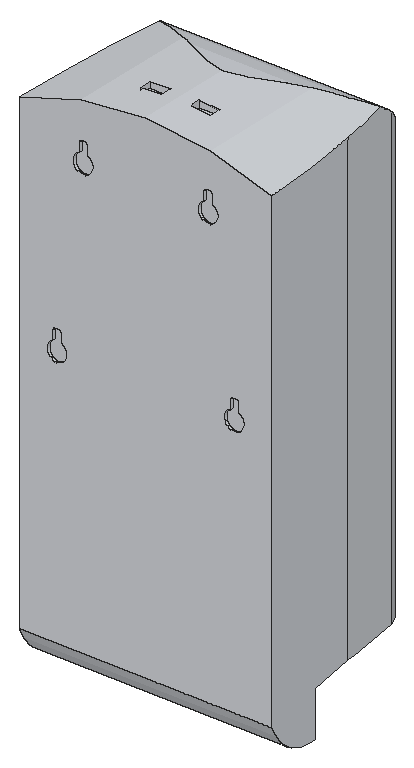
Revit family "AX9428-S-W_0004", category Appareils sanitaires, Revit 2016
Family settings
  Hôte = Mur
  Type d'élément = Normal
  Cote de connecteur circulaire = Utiliser le diamètre
  Numéro OmniClass = 23.75.00.00
  Titre OmniClass = Climate Control (HVAC)
  Toujours verticalement = Oui
  Couper avec des vides une fois chargée = Non
  Partagée = Non
  Point de calcul de pièce = Non
Parameters (values of type "Type 1")
  URL = "https://www.axeuro.com/fr/distributeurs-de-desinfectant/26164-distributeur-de-desinfectant-ax9428-s-w-3700926008605.html"
  Type de produit / Type of product = "Distributeur automatique de désinfectant / Automatic disinfectant dispenser"  # constant formula
  Référence / Reference = "AX9428-S-W"  # constant formula
  Model = ""
  Manufacturer = ""
  Entreprise / Company = "Axeuro"  # constant formula
  Description = ""
Reference planes
  plane 1 "Mur": y = 0
  plane 2 "Centre (gauche/droite)": x = 0
  plane 3 "Arrière": y = 75
Forms (mm)
  Extrusion 1, solid
    sketch origin (-77.512, -843.29, 697.011) x (1, 0, 0) y (0, 1, 0)
      loop
        arc (131.512, 918.29) -> (130.153, 940.821) -> (128.012, 963.29) r 649.548
        arc (128.012, 963.29) -> (126.063, 977.837) -> (123.512, 992.29) r 353.068
        arc (123.512, 992.29) -> (115.839, 1002.832) -> (104.512, 1009.29) r 31.018
        arc (104.512, 1009.29) -> (91.171, 1012.368) -> (77.512, 1013.29) r 86.032
        arc (77.512, 1013.29) -> (63.852, 1012.368) -> (50.512, 1009.29) r 86.032
        arc (50.512, 1009.29) -> (39.184, 1002.832) -> (31.512, 992.29) r 31.018
        arc (31.512, 992.29) -> (28.96, 977.837) -> (27.012, 963.29) r 353.068
        arc (27.012, 963.29) -> (24.871, 940.821) -> (23.512, 918.29) r 649.548
        line (23.512, 918.29) -> (131.512, 918.29)
    from 19 to 250
  Extrusion 2, void
    sketch origin (0, 0, 0) x (0, 1, 0) y (0, 0, 1)
      loop
        line (75, 947.011) -> (116, 947.011)
        arc (116, 947.011) -> (145.264, 936.029) -> (164, 911.011) r 55.682
        arc (164, 911.011) -> (168.938, 842.1) -> (169, 773.011) r 978.153
        arc (169, 773.011) -> (167.893, 733.278) -> (166.162, 693.567) r 2533.882
        line (166.162, 693.567) -> (199, 693.567) -> (199, 951.011) -> (75, 951.011) -> (75, 947.011)
    from -80.116 to 80
  Extrusion 3, void
    sketch origin (0, 75, 0) x (1, 0, 0) y (0, 0, 1)
      loop
        line (54, 936.011) -> (64, 936.011) -> (64, 956.011) -> (-62.501, 956.011) -> (-62.501, 936.011) -> (-54, 936.011)
        arc (-54, 936.011) -> (0, 947.011) -> (54, 936.011) r 138.045
    from -132.668 to 15.486
  Extrusion 4, void
    sketch origin (0, 75, 39) x (1, 0, 0) y (0, 0, 1)
      loop
        line (52.604, 677.014) -> (52.604, 695.511)
        arc (52.604, 695.511) -> (51.871, 697.281) -> (50.102, 698.014) r 2.502
        arc (50.102, 698.014) -> (25.078, 696.225) -> (0, 695.511) r 584.194
        arc (0, 695.511) -> (-25.078, 696.225) -> (-50.102, 698.014) r 584.194
        arc (-50.102, 698.014) -> (-51.871, 697.281) -> (-52.604, 695.511) r 2.502
        line (-52.604, 695.511) -> (-52.604, 677.014) -> (52.604, 677.014)
    from -109.954 to -25
  Extrusion 5, void
    sketch origin (0, 0, 39) x (0, 1, 0) y (0, 0, 1)
      loop
        line (75, 677.011) -> (98, 677.011)
        arc (98, 677.011) -> (83.991, 681.405) -> (75, 693.011) r 24.531
        line (75, 693.011) -> (75, 677.011)
    from -80.116 to 80
  Extrusion 6, void
    sketch origin (112.858, 75, 26.939) x (1, 0, 0) y (0, 0, 1)
      loop
        arc (-111.303, 844.075) -> (-112.858, 845.073) -> (-114.413, 844.075) r 1.711
        arc (-114.413, 844.075) -> (-121.302, 831.496) -> (-126.349, 818.073) r 101.512
        arc (-126.349, 818.073) -> (-112.858, 805.073) -> (-99.367, 818.073) r 13.5
        arc (-99.367, 818.073) -> (-104.414, 831.496) -> (-111.303, 844.075) r 101.512
    from -95.83 to -91.001
  Extrusion 7, void
    sketch origin (50.861, -108.869, 0) x (1, 0, 0) y (0, 1, 0)
      loop
        line (-65.861, 204.869) -> (-65.861, 199.869) -> (-56.861, 199.869) -> (-56.861, 204.869) -> (-65.861, 204.869)
    from 943.887 to 949.708
  Extrusion 8, void
    sketch origin (-50.861, -108.869, 0) x (-1, 0, 0) y (0, -1, 0)
      loop
        line (-65.861, -204.869) -> (-56.861, -204.869) -> (-56.861, -199.869) -> (-65.861, -199.869) -> (-65.861, -204.869)
    from 943.887 to 949.708
  Extrusion 9, void
    sketch origin (0, 75, 5.868) x (1, 0, 0) y (0, 0, 1)
      loop
        circle (0, 814.143) r 3
    from -95.83 to -92.164
  Extrusion 10, void
    sketch origin (-82.664, 0, 30.78) x (1, 0, 0) y (0, 0, 1)
      loop
        arc (107.614, 893.102) -> (109.414, 885.002) -> (111.214, 893.102) r 4.25
        line (111.214, 893.102) -> (111.214, 897.067)
        arc (111.214, 897.067) -> (109.414, 898.232) -> (107.614, 897.067) r 1.974
        line (107.614, 897.067) -> (107.614, 893.102)
    from -76.045 to -75
  Extrusion 11, void
    sketch origin (71.414, 0, -45.22) x (-1, 0, 0) y (0, 0, -1)
      loop
        line (107.614, -893.102) -> (107.614, -897.067)
        arc (107.614, -897.067) -> (109.414, -898.232) -> (111.214, -897.067) r 1.974
        line (111.214, -897.067) -> (111.214, -893.102)
        arc (111.214, -893.102) -> (109.414, -885.002) -> (107.614, -893.102) r 4.25
    from -76.045 to -75
  Extrusion 12, void
    sketch origin (-136.164, 0, 30.78) x (1, 0, 0) y (0, 0, 1)
      loop
        arc (107.614, 893.102) -> (109.414, 885.002) -> (111.214, 893.102) r 4.25
        line (111.214, 893.102) -> (111.214, 897.067)
        arc (111.214, 897.067) -> (109.414, 898.232) -> (107.614, 897.067) r 1.974
        line (107.614, 897.067) -> (107.614, 893.102)
    from -76.045 to -75
  Extrusion 13, void
    sketch origin (-71.414, 0, -45.22) x (1, 0, 0) y (0, 0, 1)
      loop
        arc (107.614, 893.102) -> (109.414, 885.002) -> (111.214, 893.102) r 4.25
        line (111.214, 893.102) -> (111.214, 897.067)
        arc (111.214, 897.067) -> (109.414, 898.232) -> (107.614, 897.067) r 1.974
        line (107.614, 897.067) -> (107.614, 893.102)
    from -76.045 to -75
Cuts and joins
  Extrusion 2, Extrusion 3, Extrusion 4, Extrusion 5, Extrusion 6, Extrusion 7, Extrusion 8, Extrusion 9, Extrusion 10, Extrusion 11, Extrusion 12, Extrusion 13 cuts Extrusion 1
Lines and regions (mm)
  reference lines
    curve 1: line (0, 75, 947.011) -> (0, 75, 823.011)
    curve 2: line (0, 75, 873.011) -> (0, 75, 947.011)
Text (mm)
  text "Côté de la mise en place" at (-1820.995, 1116.779, 0), in view "Niveau de réf."
  text "Côté de la mise en place" at (0, 1334.055, 2976.191), in view "Gauche"
  text "Côté de la mise en place" at (0, 439.194, 2944.362), in view "Droite"
Dimensions and locks
  locked: plane 3 "Arrière" to host wall
  aligned and locked: plane 1 "Mur" to host wall
